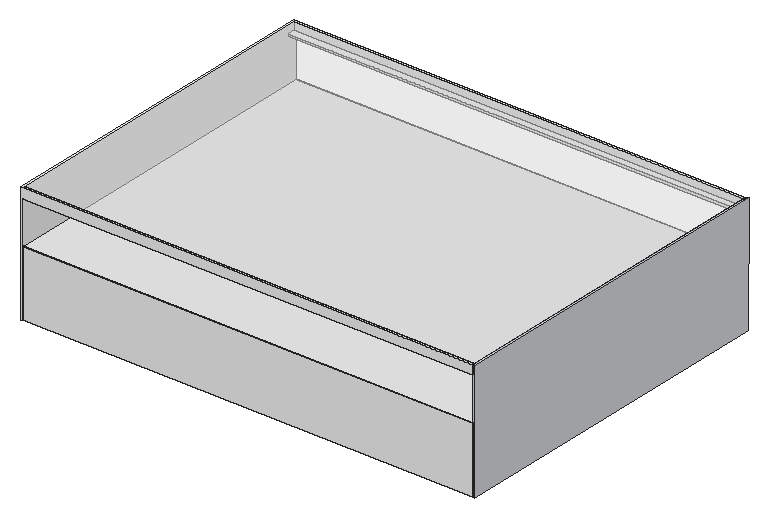
Revit family
Parameters (values of type "36" x 48" w/Drawers")
  Width = 4' - 0"
  URL = "http://elanbydecca.com/"
  Top [instance] = Furniture - DECCA (Elan) - Museum - Top
  Frame [instance] = Furniture - DECCA (Elan) - Museum - Frame
  Drawer/Shelf [instance] = Furniture - DECCA (Elan) - Museum - Drawer/Shelf
  Drawer = yes
  Base [instance] = Furniture - DECCA (Elan) - Museum - Base
  Product URL = "http://elanbydecca.com/PDFs/elan_tearsheet-museum.pdf"
  Model = "DG CT195"
  Manufacturer = "Decca Contract"
  Height = 1' - 2 1/2"  # constant formula
  Description = "Museum, Table"
  Depth = 3' - 0"
  Assembly Description = "Furniture & Accessories"
  Assembly Code = "E2020200"
Types (5): name | Width | Drawer | Model | Depth
  (no name) | 4' - 0" | yes | "DG CT195" | 3' - 0"
  30" x 42" w/Drawers | 3' - 6" | yes | "DG CT190" | 2' - 6"
  30" x 42" | 3' - 6" | no | "DG CT196" | 2' - 6"
  36" x 48" | 4' - 0" | no | "DG CT197" | 3' - 0"
  36" x 48" w/Drawers | 4' - 0" | yes | "DG CT195" | 3' - 0"
Reference planes (in)
  plane 1 "Center Front/Back": y = -0.7524
  plane 2: z = 0
  plane 3 "Center Left/Right": x = 0
  plane 4 "L": x = -24
  plane 5 "R": x = 24
  plane 6 "F": y = -18.7524
  plane 7: y = 17.2476
  plane 8: through (-6.25338, 2.33237, 23.38953) normal (0.4297, -0.4297, 0.7941)
  plane 9: z = 14.5
  plane 10: x = -23.75
  plane 11: x = 23.75
  plane 12: y = 16.9976
  plane 13: y = -18.5024
  plane 14: y = -15.7525
  plane 15: y = 14.2477
  plane 16: x = -21
  plane 17: x = 21
  plane 18: z = 13.75
  plane 19: z = 13.5
  plane 20: z = 2
  plane 21: z = 2.75
  plane 22: z = 8.25
  plane 23: z = 9
  plane 24: y = 16.2476
  plane 25: y = -17.7524
  plane 26: y = 16.4976
  plane 27: y = -18.0024
Forms (in)
  Extrusion 1, solid, material "Furniture - DECCA (Elan) - Museum - Frame" <- "Frame"
    sketch origin (0, 0, 0) x (0, 1, 0) y (0, 0, 1)
      loop
        line (17.2476, 2) -> (17.2476, 14.5) -> (-18.7524, 14.5) -> (-18.7524, 2) -> (17.2476, 2)
    from -24 to -23.75
  Extrusion 2, solid
    sketch origin (0, 0, 0) x (0, 1, 0) y (0, 0, 1)
      loop
        line (17.2476, 14.5) -> (-18.7524, 14.5) -> (-18.7524, 2) -> (17.2476, 2) -> (17.2476, 14.5)
    from 23.75 to 24
  Extrusion 3, solid, material "Furniture - DECCA (Elan) - Museum - Frame" <- "Frame"
    sketch origin (0, 0, 0) x (0, 1, 0) y (0, 0, 1)
      loop
        line (17.2476, 14.5) -> (16.9976, 14.5) -> (16.9976, 13.75) -> (16.2476, 13.75) -> (16.2476, 13.5) -> (17.2476, 13.5) -> (17.2476, 14.5)
      loop
        line (-17.7524, 13.5) -> (-17.7524, 13.75) -> (-18.5024, 13.75) -> (-18.5024, 14.5) -> (-18.7524, 14.5) -> (-18.7524, 13.5) -> (-17.7524, 13.5)
    from -23.75 to 23.75
  Extrusion 4, solid, material "Furniture - DECCA (Elan) - Museum - Drawer/Shelf" <- "Drawer/Shelf", visible <- "Drawer"
    sketch origin (0, 0, 0) x (0, 1, 0) y (0, 0, 1)
      loop
        line (17.2476, 2) -> (17.2476, 9) -> (16.4976, 8.25) -> (16.4976, 2) -> (17.2476, 2)
      loop
        line (-18.7524, 2) -> (-18.0024, 2) -> (-18.0024, 8.25) -> (-18.7524, 9) -> (-18.7524, 2)
    from -23.75 to 23.75
  Extrusion 5, solid, material "Furniture - DECCA (Elan) - Museum - Drawer/Shelf" <- "Drawer/Shelf"
    sketch origin (0, 0, 0) x (0, 1, 0) y (0, 0, 1)
      loop
        line (17.2476, 9) -> (-18.7524, 9) -> (-18.0024, 8.25) -> (16.4976, 8.25) -> (17.2476, 9)
      loop
        line (16.4976, 2.75) -> (-18.0024, 2.75) -> (-18.0024, 2) -> (16.4976, 2) -> (16.4976, 2.75)
    from -23.75 to 23.75
  Extrusion 6, solid, material "Furniture - DECCA (Elan) - Museum - Top" <- "Top"
    sketch origin (0, 0, 0) x (0, 1, 0) y (0, 0, 1)
      loop
        line (16.9976, 13.75) -> (16.9976, 14.5) -> (-18.5024, 14.5) -> (-18.5024, 13.75) -> (16.9976, 13.75)
    from -23.75 to 23.75
  Extrusion 7, solid, material "Furniture - DECCA (Elan) - Museum - Base" <- "Base"
    sketch origin (0, 0, 0) x (0, 1, 0) y (0, 0, 1)
      loop
        line (14.2477, 0) -> (14.2477, 2) -> (-15.7525, 2) -> (-15.7525, 0) -> (14.2477, 0)
    from -21 to 21
Cuts and joins
  joined: Extrusion 1, Extrusion 3
Dimensions and locks (in)
  equal spacing: plane 4 "L", plane 3 "Center Left/Right", plane 5 "R"
  equal spacing: plane 7, plane 1 "Center Front/Back", plane 6 "F"
  "Width": plane 4 "L" to plane 5 "R"
  "Depth": plane 7 to plane 6 "F"
  "Height": plane 9 to level
  locked: plane 4 "L" to plane 10 at 0.25
  locked: plane 7 to plane 12 at 0.25
  locked: plane 11 to plane 5 "R" at 0.25
  locked: plane 13 to plane 6 "F" at 0.25
  locked: plane 4 "L" to plane 16 at 3
  locked: plane 17 to plane 5 "R" at 3
  locked: plane 15 to plane 7 at 2.9999
  locked: plane 14 to plane 6 "F" at 2.9999
  plane 23 to plane 22 to plane 21 to plane 20 to level = 0' - 0 3/4" locked, 0' - 5 1/2" locked, 0' - 0 3/4" locked, 0' - 2" locked
  plane 9 to plane 18 to plane 19 = 0' - 0 3/4" locked, 0' - 0 1/4" locked
  locked: plane 6 "F" to plane 25 at 1
  locked: plane 7 to plane 24 at 1
  locked: plane 7 to plane 26 at 0.75
  locked: plane 27 to plane 6 "F" at 0.75
  aligned and locked: plane 7 to Extrusion 1 sketch curve
  aligned and locked: plane 9 to Extrusion 1 sketch curve
  aligned and locked: plane 6 "F" to Extrusion 1 sketch curve
  aligned and locked: plane 20 to Extrusion 1 sketch curve
  aligned and locked: Extrusion 1 to plane 4 "L"
  aligned and locked: plane 10 to Extrusion 1
  aligned and locked: plane 9 to Extrusion 2 sketch curve
  aligned and locked: plane 7 to Extrusion 2 sketch curve
  aligned and locked: plane 20 to Extrusion 2 sketch curve
  aligned and locked: plane 6 "F" to Extrusion 2 sketch curve
  aligned and locked: Extrusion 2 to plane 5 "R"
  aligned and locked: plane 11 to Extrusion 2
  aligned and locked: Extrusion 3 to plane 10
  aligned and locked: Extrusion 3 to plane 11
  aligned and locked: plane 20 to Extrusion 4 sketch curve
  aligned and locked: plane 7 to Extrusion 4 sketch curve
  aligned and locked: plane 6 "F" to Extrusion 4 sketch curve
  aligned and locked: Extrusion 4 to plane 10
  aligned and locked: Extrusion 4 to plane 11
  aligned and locked: plane 23 to Extrusion 5 sketch curve
  aligned and locked: plane 22 to Extrusion 5 sketch curve
  aligned and locked: plane 21 to Extrusion 5 sketch curve
  aligned and locked: plane 20 to Extrusion 5 sketch curve
  aligned and locked: plane 26 to Extrusion 5 sketch curve
  aligned and locked: plane 27 to Extrusion 5 sketch curve
  aligned and locked: Extrusion 5 to plane 10
  aligned and locked: Extrusion 5 to plane 11
  aligned and locked: plane 12 to Extrusion 6 sketch curve
  aligned and locked: plane 18 to Extrusion 6 sketch curve
  aligned and locked: plane 9 to Extrusion 6 sketch curve
  aligned and locked: Extrusion 6 sketch curve to plane 13
  aligned and locked: Extrusion 6 to plane 10
  aligned and locked: Extrusion 6 to plane 11
  aligned and locked: Extrusion 7 sketch curve to plane 15
  aligned and locked: plane 20 to Extrusion 7 sketch curve
  aligned and locked: level to Extrusion 7 sketch curve
  aligned and locked: Extrusion 7 sketch curve to plane 14
  aligned and locked: Extrusion 7 to plane 16
  aligned and locked: Extrusion 7 to plane 17
Automatic sketch dimensions
  Extrusion 3 sketch curve to plane 25 = 0' - 0"
  Extrusion 3 sketch curve to plane 6 "F" = 0' - 0"
  Extrusion 3 sketch curve to plane 19 = 0' - 0"  (x2)
  Extrusion 3 sketch curve to plane 18 = 0' - 0"  (x2)
  Extrusion 3 sketch curve to plane 13 = 0' - 0"
  Extrusion 3 sketch curve to plane 9 = 0' - 0"  (x2)
  Extrusion 3 sketch curve to plane 24 = 0' - 0"
  Extrusion 3 sketch curve to plane 12 = 0' - 0"
  Extrusion 3 sketch curve to plane 7 = 0' - 0"
  Extrusion 4 sketch curve to plane 27 = 0' - 0"
  Extrusion 4 sketch curve to plane 26 = 0' - 0"
  Extrusion 4 sketch curve to plane 20 = 0' - 0"
  Extrusion 4 sketch curve to plane 22 = 0' - 0"  (x2)
  Extrusion 4 sketch curve to plane 23 = 0' - 0"  (x2)
  Extrusion 5 sketch curve to plane 26 = 0' - 0"
  Extrusion 5 sketch curve to plane 7 = 0' - 0"
  Extrusion 5 sketch curve to plane 27 = 0' - 0"
  Extrusion 5 sketch curve to plane 6 "F" = 0' - 0"
